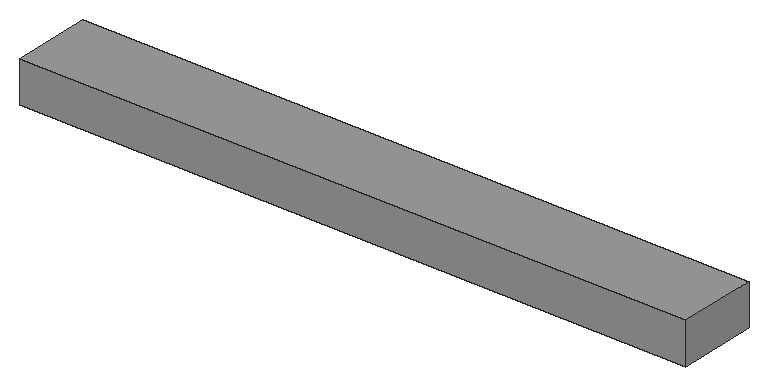
Revit family "BRU_БетонныеПеремычки13-1", category Каркас несущий, Revit 2021
Family settings
  Округление длины несущего каркаса = 0 мм
  Форма сечения = Не задано
  Материал для поведения модели = Прочее
  Всегда экспортировать в виде геометрии = Нет
  На основе рабочей плоскости = Нет
  Всегда вертикально = Да
  При загрузке вырезать с полостями = Нет
  Условное обозначение = Из семейства
  Общий = Да
  Показывать семейство разрезанным на планах = Да
Parameters (values of type "1ПБ10-1")
  Ширина = 120 mm
  Описание = "Бетонная"  # constant formula
  Область видимости_По высоте вниз [instance] = 1200 mm
  Код по классификатору = "2.06.023.173"
  Длина = 1030 mm
  Высота = 65 mm
  Материал несущих конструкций = ПР ПБ 13-1
  Группа модели = "Элементы перемычек"  # constant formula
  Изготовитель = "ГОСТ 948-84 (2002)"
  ADSK_Масса = round(Ширина * Длина * Высота * 2500 / (1000 mm * 1000 mm * 1000 mm))  # 20
Types (7, lengths in mm): name | Длина | Высота | Материал несущих конструкций | ADSK_Масса
  1ПБ10-1 | 1030 | 65 | ПР ПБ 13-1 | 20
  2ПБ16-2 | 1550 | 140 | ПР ПБ 16-2 | 65
  3ПБ21-8 | 2070 | 220 | ПР ПБ 13-1 | 137
  2ПБ13-1 | 1290 | 140 | ПР ПБ 13-1 | 54
  2ПБ26-4 | 2590 | 140 | 2ПБ26-4 | 109
  2ПБ19-3 | 1940 | 140 | ПР 3ПБ 19-3 | 81
  2ПБ22-3 | 2200 | 140 | ПР 2ПБ22-3 | 92
Reference planes
  plane 1 "Center (Front/Back)": y = 0
  plane 2 "Нижняя грань": z = 0
  plane 3 "Center (Left/Right)": x = 0
  plane 4 "Левый край": x = -515
  plane 5 "Правый край": x = 515
  plane 6 "Внутренняя грань": y = -120
  plane 7 "Верхняя грань": z = 65
  plane 8: y = -60
Forms (mm)
  Extrusion 1, solid, material "ПР ПБ 13-1" <- "Материал несущих конструкций", detail levels fine
    sketch origin (-515, 824.71, 1200) x (0, 1, 0) y (0, 0, 1)
      loop
        line (-944.71, -1200) -> (-824.71, -1200) -> (-824.71, -1135) -> (-944.71, -1135) -> (-944.71, -1200)
    from 0 to 1030
Lines and regions (mm)
  model lines, style "InvisibleLines"
    curve 1: line (0, 0, 0) -> (0, 0, -1200)
Dimensions and locks
  "Ширина": plane 6 "Внутренняя грань" to plane 1 "Center (Front/Back)"
  equal spacing: plane 4 "Левый край", plane 3 "Center (Left/Right)", plane 5 "Правый край"
  "Длина": plane 4 "Левый край" to plane 5 "Правый край"
  "Высота": plane 7 "Верхняя грань" to plane 2 "Нижняя грань"
  equal spacing: plane 1 "Center (Front/Back)", plane 8, plane 6 "Внутренняя грань"
  "Область видимости_По высоте вниз": curve 1 to level
  aligned and locked: level to plane 2 "Нижняя грань"
  aligned and locked: Extrusion 1 sketch curve to level
  aligned and locked: Extrusion 1 sketch curve to plane 6 "Внутренняя грань"
  aligned and locked: plane 7 "Верхняя грань" to Extrusion 1 sketch curve
  aligned and locked: Extrusion 1 sketch curve to plane 1 "Center (Front/Back)"
  aligned and locked: plane 5 "Правый край" to Extrusion 1
  aligned and locked: Extrusion 1 to plane 4 "Левый край"
  aligned and locked: curve 1 to plane 3 "Center (Left/Right)"
  aligned and locked: plane 2 "Нижняя грань" to curve 1
